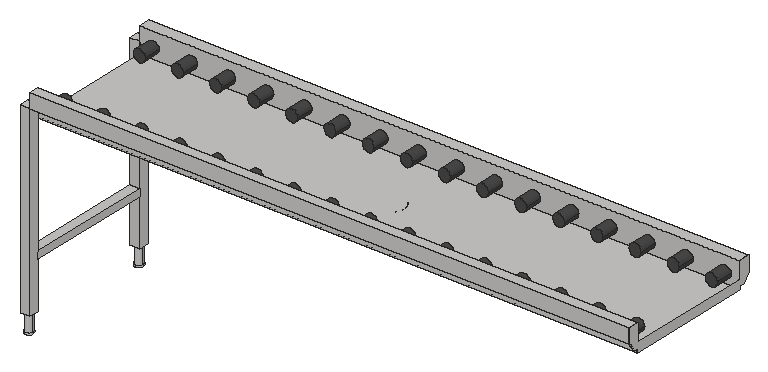
Revit family "QF_ELECTROLUXPROFESSIONAL_863011_HSSRC25", category Specialty Equipment, Revit 2018
Family settings
  Round Connector Dimension = Use Diameter
  Part Type = Normal
  Work Plane-Based = No
  Always vertical = Yes
  Cut with Voids When Loaded = No
  Shared = No
  Room Calculation Point = No
Parameters
  Weight = 0.00 kg
  Watts = 0 W
  Volts = 0 V
  URL Manufacturer = "http://professional.electrolux.com/"
  URL = "http://professional.electrolux.com/"
  Steam Supply Size = 0 mm
  Steam Supply Minimum Pressure = 0.0 Pa
  Steam Supply Maximum Pressure = 0.0 Pa
  Steam Pounds per Hour = 0
  Refrigeration Suction Line Size = 0 mm
  Refrigeration Liquid Line Size = 0 mm
  Refrigerant Compressor Remote = yes
  Manufacturer = "Electrolux"
  Phase = 0
  Model = "HSSRC25"
  Length Actual = 2500 mm  # constant formula
  Item Number = "863011"
  Hot Water Size = 0 mm
  Height Actual = 910 mm  # constant formula
  HP = "0 HP"
  Gas Size = 0 mm
  Gas KW = 0
  Gas Input Pressure = 0 W
  Description = "CONVEYOR, SHORT ROLLERS, L=2500 MM"
  Depth Actual = 620 mm  # constant formula
  Cycle = 0 Hz
  Condensate Return Size = 0 mm
  Compressed Air Volume = 0.0 L/s
  Compressed Air Size = 0 mm
  Compressed Air Pressure = 0.0 Pa
  Cold Water Size = 0 mm
  Accessory = yes
Reference planes
  plane 1 "Centro (Fronte/Retro)": y = 74.737
  plane 2: z = 0
  plane 3 "LEFT": x = -1038.761
  plane 4 "BACK": y = 384.737
  plane 5 "FRONT": y = -235.263
  plane 6: z = 910
  plane 7 "RIGHT": x = 1461.239
  plane 8: x = 241.239
Forms (mm)
  Extrusion 1, solid, material "QF_Finishes_Stainless Steel"
    sketch origin (0, 74.737, 0) x (1, 0, 0) y (0, 0, 1)
      loop
        line (-1079.929, 300) -> (-1079.929, 270) -> (-1039.929, 270) -> (-1039.929, 300) -> (-1079.929, 300)
    from -266.504 to 266.46
  Extrusion 2, solid, material "QF_Finishes_Stainless Steel"
    sketch origin (11.239, 0, 0) x (0, 1, 0) y (0, 0, 1)
      loop
        line (-235.263, 910) -> (-235.263, 850.033) -> (-190.242, 850.033) -> (-190.242, 910) -> (-235.263, 910)
      loop
        line (384.737, 910) -> (339.716, 910) -> (339.716, 850.033) -> (384.737, 850.033) -> (384.737, 910)
    from -1050 to 1448.8
  Extrusion 3, solid, material "QF_Finishes_Stainless Steel"
    sketch origin (11.239, 0, 0) x (0, 1, 0) y (0, 0, 1)
      loop
        line (-191.727, 850.033) -> (-191.727, 800.081) -> (341.245, 800.081) -> (341.245, 850.033) -> (339.716, 850.033) -> (339.716, 803.081) -> (-190.242, 803.081) -> (-190.242, 850.033) -> (-191.727, 850.033)
    from -1050 to 1448.8
  Extrusion 4, solid, material "QF_Finishes_Stainless Steel"
    sketch origin (2961.239, 723.253, 4000) x (0, 1, 0) y (0, 0, 1)
      loop
        line (-958.516, -3090) -> (-958.516, -3149.967) -> (-934.752, -3185.632) -> (-915.4, -3185.632) -> (-915.4, -3199.919) -> (-381.633, -3199.919) -> (-381.633, -3185.632) -> (-362.281, -3185.632) -> (-338.516, -3149.967) -> (-338.516, -3090) -> (-383.538, -3090) -> (-383.538, -3161.926) -> (-913.495, -3161.926) -> (-913.495, -3090) -> (-958.516, -3090)
    from -1500 to -1501.2
  Revolve 5, solid, material "QF_Finishes_Stainless Steel"
    sketch origin (210.981, 0, 0) x (0, 1, 0) y (0, 0, 1)
      loop
        line (74.737, 800.081) -> (12.53, 800.081) -> (12.319, 797.4) -> (12.319, 785.476) -> (17.293, 785.476) -> (17.293, 781.772)
        arc (17.293, 781.772) -> (20.266, 773.808) -> (27.77, 769.813) r 11.998
        line (27.77, 769.813) -> (74.737, 764.085) -> (74.737, 800.081)
      axis (74.737, 764.085) -> (74.737, 800.081)
    angle from 0 to 360
  Revolve 6, solid, material "QF_Finishes_Stainless Steel"
    sketch origin (240.981, -1524, 744.096) x (0, 0, 1) y (0, -1, 0)
      loop
        line (13.017, -1619.713) -> (30, -1619.713) -> (30, -1598.737) -> (0, -1598.737) -> (0, -1619.713) -> (2.434, -1622.253) -> (10.477, -1622.253) -> (13.017, -1619.713)
      axis (0, -1598.737) -> (30, -1598.737)
    angle from 0 to 360
  Extrusion 7, solid, material "QF_Finishes_Black"
    sketch origin (0, 74.737, 0) x (1, 0, 0) y (0, 0, 1)
      loop
        circle (-980.637, 850.115) r 25
      loop
        circle (-821.712, 850.115) r 25
      loop
        circle (-662.787, 850.115) r 25
      loop
        circle (-503.862, 850.115) r 25
      loop
        circle (-344.937, 850.115) r 25
      loop
        circle (449.689, 850.115) r 25
      loop
        circle (608.614, 850.115) r 25
      loop
        circle (926.464, 850.115) r 25
      loop
        circle (767.539, 850.115) r 25
      loop
        circle (1403.239, 850.115) r 25
      loop
        circle (1085.389, 850.115) r 25
      loop
        circle (1244.314, 850.115) r 25
      loop
        circle (-186.012, 850.115) r 25
      loop
        circle (290.763, 850.115) r 25
      loop
        circle (-27.087, 850.115) r 25
      loop
        circle (131.838, 850.115) r 25
    from 190.58 to 260.534
  Extrusion 8, solid, material "QF_Finishes_Black"
    sketch origin (0, 74.737, 0) x (1, 0, 0) y (0, 0, -1)
      loop
        circle (-980.637, -850.115) r 25
      loop
        circle (-821.712, -850.115) r 25
      loop
        circle (-662.787, -850.115) r 25
      loop
        circle (-503.862, -850.115) r 25
      loop
        circle (-344.937, -850.115) r 25
      loop
        circle (449.689, -850.115) r 25
      loop
        circle (608.614, -850.115) r 25
      loop
        circle (926.464, -850.115) r 25
      loop
        circle (767.539, -850.115) r 25
      loop
        circle (1403.239, -850.115) r 25
      loop
        circle (1085.389, -850.115) r 25
      loop
        circle (1244.314, -850.115) r 25
      loop
        circle (-186.012, -850.115) r 25
      loop
        circle (290.763, -850.115) r 25
      loop
        circle (-27.087, -850.115) r 25
      loop
        circle (131.838, -850.115) r 25
    from 190.58 to 260.534
Cuts and joins
  joined: Extrusion 2, Extrusion 3
Lines and regions (mm)
  Split face 1
    outline origin (2358.239, 339.716, 803.081) x (-1, 0, 0) y (0, -1, 0)
      loop
        circle (2147, 264.904) r 3.016
  Split face 2
    outline origin (2358.239, 339.716, 803.081) x (-1, 0, 0) y (0, -1, 0)
      loop
        circle (2147, 264.904) r 52.991
  Split face 3
    outline origin (2358.239, 339.716, 803.081) x (-1, 0, 0) y (0, -1, 0)
      loop
        circle (2147, 264.904) r 36.015
  Split face 4
    outline origin (2358.239, 339.716, 803.081) x (-1, 0, 0) y (0, -1, 0)
      loop
        circle (2147, 264.904) r 26.027
  Split face 5
    outline origin (2358.239, 339.716, 803.081) x (-1, 0, 0) y (0, -1, 0)
      loop
        circle (2147, 264.904) r 9.056
  Masking region 1
    outline origin (0, 0, 0) x (1, 0, 0) y (0, 1, 0)
      loop
        line (-1038.761, 384.737) -> (-1038.761, -235.263) -> (1461.239, -235.263) -> (1461.239, 384.737) -> (-1038.761, 384.737)
  symbolic lines
    curve 1: line (1461.239, 384.737, 0) -> (-1038.761, 384.737, 0)
    curve 2: line (-1038.761, 384.737, 0) -> (-1038.761, -235.263, 0)
    curve 3: line (-1038.761, 339.716, 0) -> (1461.239, 339.716, 0)
    curve 4: line (-1038.761, -235.263, 0) -> (1461.239, -235.263, 0)
    curve 5: line (1461.239, -235.263, 0) -> (1461.239, 384.737, 0)
    curve 6: line (1461.239, -190.242, 0) -> (-1038.761, -190.242, 0)
    curve 7: line (1461.239, 74.737, 0) -> (1431.239, 74.737, 0)
    curve 8: line (-1038.761, 74.737, 0) -> (-1008.761, 74.737, 0)
    curve 9: arc (211.315, 12.319, 0) -> (148.896, 74.737, 0) -> (211.315, 137.156, 0) r 62.418
    curve 10: arc (211.315, 137.156, 0) -> (273.733, 74.737, 0) -> (211.315, 12.319, 0) r 62.418
    curve 11: arc (241.315, 95.713, 0) -> (220.338, 74.737, 0) -> (241.315, 53.761, 0) r 20.976
    curve 12: arc (241.315, 53.761, 0) -> (262.291, 74.737, 0) -> (241.315, 95.713, 0) r 20.976
    curve 13: line (-955.637, -115.842, 0) -> (-1005.637, -115.842, 0)
    curve 14: line (-1005.637, -115.842, 0) -> (-1005.637, -185.797, 0)
    curve 15: line (-1005.637, -185.797, 0) -> (-955.637, -185.797, 0)
    curve 16: line (-955.637, -185.797, 0) -> (-955.637, -115.842, 0)
    curve 17: line (474.689, -115.842, 0) -> (424.689, -115.842, 0)
    curve 18: line (424.689, -115.842, 0) -> (424.689, -185.797, 0)
    curve 19: line (424.689, -185.797, 0) -> (474.689, -185.797, 0)
    curve 20: line (474.689, -185.797, 0) -> (474.689, -115.842, 0)
    curve 21: line (-846.712, -115.842, 0) -> (-796.712, -115.842, 0)
    curve 22: line (-796.712, -115.842, 0) -> (-796.712, -185.797, 0)
    curve 23: line (-796.712, -185.797, 0) -> (-846.712, -185.797, 0)
    curve 24: line (-846.712, -185.797, 0) -> (-846.712, -115.842, 0)
    curve 25: line (-637.787, -115.842, 0) -> (-687.787, -115.842, 0)
    curve 26: line (-687.787, -115.842, 0) -> (-687.787, -185.797, 0)
    curve 27: line (-687.787, -185.797, 0) -> (-637.787, -185.797, 0)
    curve 28: line (-637.787, -185.797, 0) -> (-637.787, -115.842, 0)
    curve 29: line (-478.862, -115.842, 0) -> (-528.862, -115.842, 0)
    curve 30: line (-528.862, -115.842, 0) -> (-528.862, -185.797, 0)
    curve 31: line (-528.862, -185.797, 0) -> (-478.862, -185.797, 0)
    curve 32: line (-478.862, -185.797, 0) -> (-478.862, -115.842, 0)
    curve 33: line (-319.937, -115.842, 0) -> (-369.937, -115.842, 0)
    curve 34: line (-369.937, -115.842, 0) -> (-369.937, -185.797, 0)
    curve 35: line (-369.937, -185.797, 0) -> (-319.937, -185.797, 0)
    curve 36: line (-319.937, -185.797, 0) -> (-319.937, -115.842, 0)
    curve 37: line (-161.012, -115.842, 0) -> (-211.012, -115.842, 0)
    curve 38: line (-211.012, -115.842, 0) -> (-211.012, -185.797, 0)
    curve 39: line (-211.012, -185.797, 0) -> (-161.012, -185.797, 0)
    curve 40: line (-161.012, -185.797, 0) -> (-161.012, -115.842, 0)
    curve 41: line (-2.087, -115.842, 0) -> (-52.087, -115.842, 0)
    curve 42: line (-52.087, -115.842, 0) -> (-52.087, -185.797, 0)
    curve 43: line (-52.087, -185.797, 0) -> (-2.087, -185.797, 0)
    curve 44: line (-2.087, -185.797, 0) -> (-2.087, -115.842, 0)
    curve 45: line (156.838, -115.842, 0) -> (106.838, -115.842, 0)
    curve 46: line (106.838, -115.842, 0) -> (106.838, -185.797, 0)
    curve 47: line (106.838, -185.797, 0) -> (156.838, -185.797, 0)
    curve 48: line (156.838, -185.797, 0) -> (156.838, -115.842, 0)
    curve 49: line (315.763, -115.842, 0) -> (265.763, -115.842, 0)
    curve 50: line (265.763, -115.842, 0) -> (265.763, -185.797, 0)
    curve 51: line (265.763, -185.797, 0) -> (315.763, -185.797, 0)
    curve 52: line (315.763, -185.797, 0) -> (315.763, -115.842, 0)
    curve 53: line (1428.239, -115.842, 0) -> (1378.239, -115.842, 0)
    curve 54: line (1378.239, -115.842, 0) -> (1378.239, -185.797, 0)
    curve 55: line (1378.239, -185.797, 0) -> (1428.239, -185.797, 0)
    curve 56: line (1428.239, -185.797, 0) -> (1428.239, -115.842, 0)
    curve 57: line (633.614, -115.842, 0) -> (583.614, -115.842, 0)
    curve 58: line (583.614, -115.842, 0) -> (583.614, -185.797, 0)
    curve 59: line (583.614, -185.797, 0) -> (633.614, -185.797, 0)
    curve 60: line (633.614, -185.797, 0) -> (633.614, -115.842, 0)
    curve 61: line (792.539, -115.842, 0) -> (742.539, -115.842, 0)
    curve 62: line (742.539, -115.842, 0) -> (742.539, -185.797, 0)
    curve 63: line (742.539, -185.797, 0) -> (792.539, -185.797, 0)
    curve 64: line (792.539, -185.797, 0) -> (792.539, -115.842, 0)
    curve 65: line (951.464, -115.842, 0) -> (901.464, -115.842, 0)
    curve 66: line (901.464, -115.842, 0) -> (901.464, -185.797, 0)
    curve 67: line (901.464, -185.797, 0) -> (951.464, -185.797, 0)
    curve 68: line (951.464, -185.797, 0) -> (951.464, -115.842, 0)
    curve 69: line (1110.389, -115.842, 0) -> (1060.389, -115.842, 0)
    curve 70: line (1060.389, -115.842, 0) -> (1060.389, -185.797, 0)
    curve 71: line (1060.389, -185.797, 0) -> (1110.389, -185.797, 0)
    curve 72: line (1110.389, -185.797, 0) -> (1110.389, -115.842, 0)
    curve 73: line (1269.314, -115.842, 0) -> (1219.314, -115.842, 0)
    curve 74: line (1219.314, -115.842, 0) -> (1219.314, -185.797, 0)
    curve 75: line (1219.314, -185.797, 0) -> (1269.314, -185.797, 0)
    curve 76: line (1269.314, -185.797, 0) -> (1269.314, -115.842, 0)
    curve 77: line (-955.637, 265.317, 0) -> (-1005.637, 265.317, 0)
    curve 78: line (-1005.637, 265.317, 0) -> (-1005.637, 335.271, 0)
    curve 79: line (-1005.637, 335.271, 0) -> (-955.637, 335.271, 0)
    curve 80: line (-955.637, 335.271, 0) -> (-955.637, 265.317, 0)
    curve 81: line (474.689, 265.317, 0) -> (424.689, 265.317, 0)
    curve 82: line (424.689, 265.317, 0) -> (424.689, 335.271, 0)
    curve 83: line (424.689, 335.271, 0) -> (474.689, 335.271, 0)
    curve 84: line (474.689, 335.271, 0) -> (474.689, 265.317, 0)
    curve 85: line (-846.712, 265.317, 0) -> (-796.712, 265.317, 0)
    curve 86: line (-796.712, 265.317, 0) -> (-796.712, 335.271, 0)
    curve 87: line (-796.712, 335.271, 0) -> (-846.712, 335.271, 0)
    curve 88: line (-846.712, 335.271, 0) -> (-846.712, 265.317, 0)
    curve 89: line (-637.787, 265.317, 0) -> (-687.787, 265.317, 0)
    curve 90: line (-687.787, 265.317, 0) -> (-687.787, 335.271, 0)
    curve 91: line (-687.787, 335.271, 0) -> (-637.787, 335.271, 0)
    curve 92: line (-637.787, 335.271, 0) -> (-637.787, 265.317, 0)
    curve 93: line (-478.862, 265.317, 0) -> (-528.862, 265.317, 0)
    curve 94: line (-528.862, 265.317, 0) -> (-528.862, 335.271, 0)
    curve 95: line (-528.862, 335.271, 0) -> (-478.862, 335.271, 0)
    curve 96: line (-478.862, 335.271, 0) -> (-478.862, 265.317, 0)
    curve 97: line (-319.937, 265.317, 0) -> (-369.937, 265.317, 0)
    curve 98: line (-369.937, 265.317, 0) -> (-369.937, 335.271, 0)
    curve 99: line (-369.937, 335.271, 0) -> (-319.937, 335.271, 0)
    curve 100: line (-319.937, 335.271, 0) -> (-319.937, 265.317, 0)
    curve 101: line (-161.012, 265.317, 0) -> (-211.012, 265.317, 0)
    curve 102: line (-211.012, 265.317, 0) -> (-211.012, 335.271, 0)
    curve 103: line (-211.012, 335.271, 0) -> (-161.012, 335.271, 0)
    curve 104: line (-161.012, 335.271, 0) -> (-161.012, 265.317, 0)
    curve 105: line (-2.087, 265.317, 0) -> (-52.087, 265.317, 0)
    curve 106: line (-52.087, 265.317, 0) -> (-52.087, 335.271, 0)
    curve 107: line (-52.087, 335.271, 0) -> (-2.087, 335.271, 0)
    curve 108: line (-2.087, 335.271, 0) -> (-2.087, 265.317, 0)
    curve 109: line (156.838, 265.317, 0) -> (106.838, 265.317, 0)
    curve 110: line (106.838, 265.317, 0) -> (106.838, 335.271, 0)
    curve 111: line (106.838, 335.271, 0) -> (156.838, 335.271, 0)
    curve 112: line (156.838, 335.271, 0) -> (156.838, 265.317, 0)
    curve 113: line (315.763, 265.317, 0) -> (265.763, 265.317, 0)
    curve 114: line (265.763, 265.317, 0) -> (265.763, 335.271, 0)
    curve 115: line (265.763, 335.271, 0) -> (315.763, 335.271, 0)
    curve 116: line (315.763, 335.271, 0) -> (315.763, 265.317, 0)
    curve 117: line (1428.239, 265.317, 0) -> (1378.239, 265.317, 0)
    curve 118: line (1378.239, 265.317, 0) -> (1378.239, 335.271, 0)
    curve 119: line (1378.239, 335.271, 0) -> (1428.239, 335.271, 0)
    curve 120: line (1428.239, 335.271, 0) -> (1428.239, 265.317, 0)
    curve 121: line (633.614, 265.317, 0) -> (583.614, 265.317, 0)
    curve 122: line (583.614, 265.317, 0) -> (583.614, 335.271, 0)
    curve 123: line (583.614, 335.271, 0) -> (633.614, 335.271, 0)
    curve 124: line (633.614, 335.271, 0) -> (633.614, 265.317, 0)
    curve 125: line (792.539, 265.317, 0) -> (742.539, 265.317, 0)
    curve 126: line (742.539, 265.317, 0) -> (742.539, 335.271, 0)
    curve 127: line (742.539, 335.271, 0) -> (792.539, 335.271, 0)
    curve 128: line (792.539, 335.271, 0) -> (792.539, 265.317, 0)
    curve 129: line (951.464, 265.317, 0) -> (901.464, 265.317, 0)
    curve 130: line (901.464, 265.317, 0) -> (901.464, 335.271, 0)
    curve 131: line (901.464, 335.271, 0) -> (951.464, 335.271, 0)
    curve 132: line (951.464, 335.271, 0) -> (951.464, 265.317, 0)
    curve 133: line (1110.389, 265.317, 0) -> (1060.389, 265.317, 0)
    curve 134: line (1060.389, 265.317, 0) -> (1060.389, 335.271, 0)
    curve 135: line (1060.389, 335.271, 0) -> (1110.389, 335.271, 0)
    curve 136: line (1110.389, 335.271, 0) -> (1110.389, 265.317, 0)
    curve 137: line (1269.314, 265.317, 0) -> (1219.314, 265.317, 0)
    curve 138: line (1219.314, 265.317, 0) -> (1219.314, 335.271, 0)
    curve 139: line (1219.314, 335.271, 0) -> (1269.314, 335.271, 0)
    curve 140: line (1269.314, 335.271, 0) -> (1269.314, 265.317, 0)
Dimensions and locks
  plane 3 "LEFT" to plane 7 "RIGHT" = 2500 mm
  equal spacing: plane 4 "BACK", plane 1 "Centro (Fronte/Retro)", plane 5 "FRONT"
  plane 4 "BACK" to plane 5 "FRONT" = 620 mm
  locked: Extrusion 7 sketch curve to plane 3 "LEFT" at 58.124
  locked: plane 7 "RIGHT" to Extrusion 7 sketch curve at 58
  aligned and locked: level to plane 2
  aligned and locked: Extrusion 2 to Extrusion 3
Automatic sketch dimensions
  curve 9 to curve 10 = 0 mm  (x2)
  curve 11 to curve 12 = 0 mm  (x2)
  curve 6 to plane 3 "LEFT" = 0 mm
  plane 1 "Centro (Fronte/Retro)" to curve 8 = 0 mm
  plane 1 "Centro (Fronte/Retro)" to curve 10 = 0 mm
  plane 1 "Centro (Fronte/Retro)" to curve 12 = 0 mm
  plane 1 "Centro (Fronte/Retro)" to curve 7 = 0 mm
  curve 6 to plane 7 "RIGHT" = 0 mm
  plane 5 "FRONT" to curve 4 = 0 mm
  curve 2 to plane 4 "BACK" = 0 mm
  plane 3 "LEFT" to curve 15 = 33.124 mm
  plane 3 "LEFT" to curve 78 = 33.124 mm
  curve 78 to curve 79 = 50 mm
  curve 14 to curve 16 = 50 mm
  curve 13 to curve 21 = 108.925 mm
  curve 87 to plane 4 "BACK" = 49.466 mm
  curve 79 to curve 87 = 108.925 mm
  curve 87 to curve 87 = 50 mm
  curve 21 to curve 22 = 50 mm
  curve 21 to curve 25 = 108.925 mm
  curve 90 to plane 4 "BACK" = 49.466 mm
  curve 86 to curve 90 = 108.925 mm
  curve 90 to curve 92 = 50 mm
  curve 25 to curve 28 = 50 mm
  curve 95 to plane 4 "BACK" = 49.466 mm
  curve 91 to curve 95 = 108.925 mm
  plane 5 "FRONT" to curve 31 = 49.466 mm
  curve 27 to curve 31 = 108.925 mm
  curve 30 to curve 31 = 50 mm
  curve 94 to curve 95 = 50 mm
  plane 5 "FRONT" to curve 35 = 49.466 mm
  curve 31 to curve 35 = 108.925 mm
  curve 99 to plane 4 "BACK" = 49.466 mm
  curve 95 to curve 99 = 108.925 mm
  curve 33 to curve 36 = 50 mm
  curve 97 to curve 100 = 50 mm
  curve 103 to plane 4 "BACK" = 49.466 mm
  curve 99 to curve 103 = 108.925 mm
  plane 5 "FRONT" to curve 39 = 49.466 mm
  curve 35 to curve 39 = 108.925 mm
  curve 102 to curve 104 = 50 mm
  curve 37 to curve 40 = 50 mm
  curve 101 to curve 105 = 108.925 mm
  plane 5 "FRONT" to curve 42 = 49.466 mm
  curve 39 to curve 42 = 108.925 mm
  curve 105 to curve 105 = 50 mm
  curve 41 to curve 41 = 50 mm
  curve 111 to plane 4 "BACK" = 49.466 mm
  curve 107 to curve 111 = 108.925 mm
  curve 41 to curve 45 = 108.925 mm
  curve 45 to curve 48 = 50 mm
  curve 110 to curve 111 = 50 mm
  curve 10 to plane 8 = 29.924 mm
  plane 8 to curve 12 = 0.076 mm
  plane 8 to curve 49 = 24.524 mm
  plane 8 to curve 114 = 24.524 mm
  curve 114 to curve 115 = 50 mm
  curve 49 to curve 49 = 50 mm
  plane 5 "FRONT" to curve 19 = 49.466 mm
  curve 51 to curve 19 = 108.925 mm
  curve 113 to curve 81 = 108.925 mm
  curve 81 to curve 84 = 50 mm
  curve 17 to curve 17 = 50 mm
  curve 17 to curve 57 = 108.925 mm
  curve 122 to plane 4 "BACK" = 49.466 mm
  curve 83 to curve 122 = 108.925 mm
  curve 57 to curve 57 = 50 mm
  curve 121 to curve 121 = 50 mm
  curve 127 to plane 4 "BACK" = 49.466 mm
  curve 123 to curve 127 = 108.925 mm
  curve 57 to curve 61 = 108.925 mm
  curve 61 to curve 64 = 50 mm
  curve 125 to curve 128 = 50 mm
  curve 131 to plane 4 "BACK" = 49.466 mm
  curve 127 to curve 131 = 108.925 mm
  curve 61 to curve 65 = 108.925 mm
  curve 129 to curve 129 = 50 mm
  curve 66 to curve 67 = 50 mm
  curve 65 to curve 69 = 108.925 mm
  curve 129 to curve 133 = 108.925 mm
  curve 69 to curve 69 = 50 mm
  curve 134 to curve 135 = 50 mm
  plane 5 "FRONT" to curve 74 = 49.466 mm
  curve 71 to curve 74 = 108.925 mm
  curve 133 to curve 137 = 108.925 mm
  curve 74 to curve 75 = 50 mm
  curve 137 to curve 140 = 50 mm
  curve 54 to plane 7 "RIGHT" = 83 mm
  curve 119 to plane 7 "RIGHT" = 83 mm
  curve 56 to plane 7 "RIGHT" = 33 mm
  curve 119 to plane 7 "RIGHT" = 33 mm
  plane 5 "FRONT" to curve 63 = 49.466 mm
  plane 5 "FRONT" to curve 60 = 49.466 mm
  plane 5 "FRONT" to curve 72 = 49.466 mm
  plane 5 "FRONT" to curve 68 = 49.466 mm
  plane 5 "FRONT" to curve 56 = 49.466 mm
  plane 5 "FRONT" to curve 52 = 49.466 mm
  plane 5 "FRONT" to curve 14 = 49.466 mm
  plane 5 "FRONT" to curve 48 = 49.466 mm
  plane 5 "FRONT" to curve 22 = 49.466 mm
  plane 5 "FRONT" to curve 26 = 49.466 mm
  curve 34 to curve 34 = 69.954 mm
  curve 31 to curve 32 = 69.954 mm
  curve 39 to curve 37 = 69.954 mm
  curve 27 to curve 28 = 69.954 mm
  curve 43 to curve 41 = 69.954 mm
  curve 23 to curve 24 = 69.954 mm
  curve 47 to curve 45 = 69.954 mm
  curve 19 to curve 20 = 69.954 mm
  curve 51 to curve 49 = 69.954 mm
  curve 15 to curve 16 = 69.954 mm
  curve 55 to curve 53 = 69.954 mm
  curve 66 to curve 65 = 69.954 mm
  curve 59 to curve 57 = 69.954 mm
  curve 71 to curve 69 = 69.954 mm
  curve 63 to curve 61 = 69.954 mm
  curve 75 to curve 73 = 69.954 mm
  curve 140 to plane 4 "BACK" = 119.42 mm
  curve 136 to curve 137 = 0 mm
  curve 77 to plane 4 "BACK" = 119.42 mm
  curve 132 to curve 131 = 69.954 mm
  curve 81 to plane 4 "BACK" = 119.42 mm
  curve 128 to curve 127 = 69.954 mm
  curve 85 to curve 87 = 69.954 mm
  curve 124 to curve 123 = 69.954 mm
  curve 89 to curve 91 = 69.954 mm
  curve 120 to plane 4 "BACK" = 119.42 mm
  curve 93 to curve 95 = 69.954 mm
  curve 116 to curve 81 = 0 mm
  curve 97 to curve 99 = 69.954 mm
  curve 112 to curve 111 = 69.954 mm
  curve 101 to curve 103 = 69.954 mm
  curve 108 to curve 109 = 0 mm
  curve 106 to plane 4 "BACK" = 49.466 mm
  curve 114 to plane 4 "BACK" = 49.466 mm
  curve 118 to plane 4 "BACK" = 49.466 mm
  curve 84 to plane 4 "BACK" = 49.466 mm
  curve 80 to plane 4 "BACK" = 49.466 mm
  curve 140 to plane 4 "BACK" = 49.466 mm
  curve 134 to plane 4 "BACK" = 49.466 mm
  curve 8 to curve 8 = 30 mm
  curve 7 to plane 7 "RIGHT" = 30 mm
  curve 6 to curve 55 = 4.445 mm
  curve 9 to curve 9 = 62.418 mm
  curve 11 to curve 11 = 20.976 mm
  curve 78 to curve 3 = 4.445 mm
  Extrusion 1 sketch curve to plane 3 "LEFT" = 41.168 mm
  Extrusion 1 sketch curve to plane 3 "LEFT" = 1.168 mm
  level to Extrusion 1 sketch curve = 270 mm
  Extrusion 1 sketch curve to Extrusion 1 sketch curve = 30 mm
  Extrusion 2 sketch curve to plane 5 "FRONT" = 0 mm
  Extrusion 2 sketch curve to plane 6 = 0 mm  (x2)
  Extrusion 2 sketch curve to plane 4 "BACK" = 0 mm
  plane 5 "FRONT" to Extrusion 2 sketch curve = 45.021 mm
  Extrusion 2 sketch curve to plane 4 "BACK" = 45.021 mm
  Extrusion 2 sketch curve to Extrusion 2 sketch curve = 59.967 mm  (x2)
  plane 5 "FRONT" to Extrusion 3 sketch curve = 43.536 mm
  Extrusion 3 sketch curve to Extrusion 3 sketch curve = 1.486 mm
  Extrusion 3 sketch curve to plane 4 "BACK" = 45.021 mm
  Extrusion 3 sketch curve to Extrusion 3 sketch curve = 1.529 mm
  Extrusion 3 sketch curve to plane 6 = 109.919 mm
  Extrusion 3 sketch curve to Extrusion 3 sketch curve = 3 mm
  Extrusion 3 sketch curve to Extrusion 3 sketch curve = 46.952 mm  (x2)
  cut or joined group of Extrusion 2, Extrusion 3 to Split face 1 sketch curve = 264.904 mm
  Split face 1 sketch curve to cut or joined group of Extrusion 2, Extrusion 3 = 1248.8 mm
  cut or joined group of Extrusion 2, Extrusion 3 to Split face 2 sketch curve = 264.904 mm
  Split face 2 sketch curve to cut or joined group of Extrusion 2, Extrusion 3 = 1248.8 mm
  cut or joined group of Extrusion 2, Extrusion 3 to Split face 3 sketch curve = 264.904 mm
  Split face 3 sketch curve to cut or joined group of Extrusion 2, Extrusion 3 = 1248.8 mm
  cut or joined group of Extrusion 2, Extrusion 3 to Split face 4 sketch curve = 264.904 mm
  Split face 4 sketch curve to cut or joined group of Extrusion 2, Extrusion 3 = 1248.8 mm
  cut or joined group of Extrusion 2, Extrusion 3 to Split face 5 sketch curve = 264.904 mm
  Split face 5 sketch curve to cut or joined group of Extrusion 2, Extrusion 3 = 1248.8 mm
  Masking region 1 sketch curve to plane 3 "LEFT" = 0 mm
  plane 5 "FRONT" to Masking region 1 sketch curve = 0 mm
  Masking region 1 sketch curve to plane 7 "RIGHT" = 0 mm
  Masking region 1 sketch curve to plane 4 "BACK" = 0 mm
  Extrusion 4 sketch curve to plane 5 "FRONT" = 0 mm
  Extrusion 4 sketch curve to plane 6 = 0 mm  (x2)
  Extrusion 4 sketch curve to plane 4 "BACK" = 0 mm
  plane 5 "FRONT" to Extrusion 4 sketch curve = 23.764 mm
  Extrusion 4 sketch curve to Extrusion 4 sketch curve = 19.352 mm  (x2)
  plane 5 "FRONT" to Extrusion 4 sketch curve = 45.021 mm
  Extrusion 4 sketch curve to plane 4 "BACK" = 45.021 mm
  Extrusion 4 sketch curve to Extrusion 4 sketch curve = 1.905 mm
  Extrusion 4 sketch curve to Extrusion 4 sketch curve = 59.967 mm  (x2)
  Extrusion 4 sketch curve to Extrusion 4 sketch curve = 11.959 mm
  Extrusion 4 sketch curve to Extrusion 4 sketch curve = 23.706 mm  (x2)
  Extrusion 4 sketch curve to Extrusion 4 sketch curve = 14.287 mm
  Revolve 5 sketch curve to plane 1 "Centro (Fronte/Retro)" = 0 mm  (x2)
  plane 1 "Centro (Fronte/Retro)" to Revolve 5 sketch curve = 45.447 mm
  Revolve 5 sketch curve to Revolve 5 sketch curve = 1.52 mm
  Revolve 5 sketch curve to Revolve 5 sketch curve = 11.998 mm
  Revolve 5 sketch curve to Revolve 5 sketch curve = 4.762 mm
  Revolve 5 sketch curve to Revolve 5 sketch curve = 4.974 mm
  Revolve 5 sketch curve to plane 6 = 145.915 mm
  Revolve 5 sketch curve to Revolve 5 sketch curve = 5.727 mm
  Revolve 5 sketch curve to Revolve 5 sketch curve = 11.901 mm
  Revolve 5 sketch curve to Revolve 5 sketch curve = 3.704 mm
  Revolve 5 sketch curve to Revolve 5 sketch curve = 11.924 mm
  Revolve 5 sketch curve to Revolve 5 sketch curve = 2.681 mm
  Revolve 5 sketch curve to Revolve 5 sketch curve = 3 mm
  Revolve 5 sketch curve to Revolve 5 sketch curve = 14.991 mm
  Revolve 6 sketch curve to plane 1 "Centro (Fronte/Retro)" = 0 mm  (x2)
  Revolve 6 sketch curve to plane 1 "Centro (Fronte/Retro)" = 20.976 mm
  Revolve 6 sketch curve to plane 6 = 165.904 mm
  Revolve 6 sketch curve to plane 1 "Centro (Fronte/Retro)" = 23.516 mm
  Revolve 6 sketch curve to Revolve 6 sketch curve = 2.434 mm
  Revolve 6 sketch curve to Revolve 6 sketch curve = 8.043 mm
  Revolve 6 sketch curve to Revolve 6 sketch curve = 2.54 mm  (x2)
  Revolve 6 sketch curve to Revolve 6 sketch curve = 16.983 mm
  Revolve 6 sketch curve to Revolve 6 sketch curve = 3.127 mm
  Revolve 6 sketch curve to Revolve 6 sketch curve = 7.343 mm
  Extrusion 7 sketch curve to plane 6 = 59.885 mm  (x16)
  Extrusion 7 sketch curve to Extrusion 7 sketch curve = 158.925 mm  (x12)
  Extrusion 7 sketch curve to plane 8 = 109.401 mm
  plane 8 to Extrusion 7 sketch curve = 49.524 mm
  plane 3 "LEFT" to Extrusion 8 sketch curve = 58.124 mm
  Extrusion 8 sketch curve to plane 6 = 59.885 mm  (x16)
  Extrusion 8 sketch curve to Extrusion 8 sketch curve = 158.925 mm  (x12)
  Extrusion 8 sketch curve to plane 8 = 109.401 mm
  plane 8 to Extrusion 8 sketch curve = 49.524 mm
  Extrusion 8 sketch curve to plane 7 "RIGHT" = 58 mm
  radius of Split face 1 sketch curve = 3.016 mm
  radius of Split face 2 sketch curve = 52.991 mm
  radius of Split face 3 sketch curve = 36.015 mm
  radius of Split face 4 sketch curve = 26.027 mm
  radius of Split face 5 sketch curve = 9.056 mm
  radius of Extrusion 7 sketch curve = 25 mm  (x16)
  radius of Extrusion 8 sketch curve = 25 mm  (x16)
Nested families
  nested 1: "Foot_40x40" at (-1059.929, -211.771, 0), type "Foot_40x40"
    with A 850.033 mm
  nested 2: "Foot_40x40" at (-1059.929, 361.245, 0), type "Foot_40x40"
    with A 850.033 mm
Connectors
  piping at (240.981, 74.737, 744.096), diameter 30
    settings: on Revolve 6, index 5, connector inside diameter 609.6 mm, connector length 0 mm, flow factor 0, pipe flow 0.0 L/s, pressure drop 0.0 Pa, fitting loss kfactor 0, connector angle 0.00°, fixture units 0, engagement length 0 mm, angle of deflection 0.00°, flow configuration 1, flow direction 2, fitting loss method 0, system type 16, joint type 0, gender type 0, connector reference index -1, connector utility 0, adjustable connector no, is connector primary yes, connector description ""
Definition of nested family "Foot_40x40"
  Parameters
    A [instance] = 850 mm
  Reference planes
    plane 1 "Centro (Fronte/Retro)": y = 0
    plane 2: z = 0
    plane 3 "Centro (Sinistra/Destra)": x = 0
    plane 4: z = 850
  Forms (mm)
    Extrusion 1, solid
      sketch origin (0, 0, 0) x (1, 0, 0) y (0, 1, 0)
        loop
          circle (0, 0) r 18
      from 0 to 5
    Extrusion 2, solid
      sketch origin (0, 0, 5) x (1, 0, 0) y (0, 1, 0)
        loop
          circle (0, 0) r 15
      from 0 to 70
    Extrusion 3, solid
      sketch origin (0, 0, 75) x (1, 0, 0) y (0, 1, 0)
        loop
          line (-20, 20) -> (-20, -20) -> (20, -20) -> (20, 20) -> (-20, 20)
      from 0 to 775
  Dimensions and locks
    "A": plane 4 to plane 2
    aligned and locked: level to plane 2
    aligned and locked: plane 4 to Extrusion 3
    aligned and locked: Extrusion 1 to level
  Automatic sketch dimensions
    plane 1 "Centro (Fronte/Retro)" to Extrusion 1 sketch curve = 0 mm
    Extrusion 1 sketch curve to plane 3 "Centro (Sinistra/Destra)" = 0 mm
    Extrusion 3 sketch curve to Extrusion 3 sketch curve = 40 mm  (x2)
    radius of Extrusion 1 sketch curve = 18 mm
    radius of Extrusion 2 sketch curve to Extrusion 1 = 3 mm
